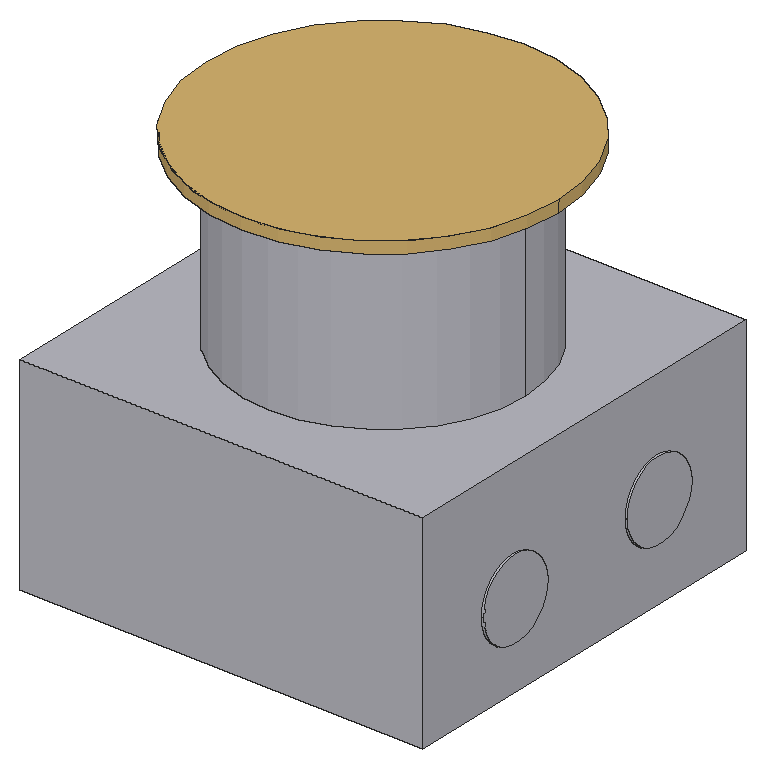
Revit family "Electrical_Equipment-Floor_Box-Hubbell_Wiring-CFBS1R4SFB_CR", category Electrical Fixtures, host Face, Revit 2015
Parameters
  URL = "http://www.hubbell-wiring.com"
  Product data url = "https://bimobject.com/hubbellwiring/product/hubbell-cfbs1r4sfb_cr"
  Product Page URL = "http://www.hubbell-wiring.com/press/catalog/O.pdf"
  Product Material = Metal-Hubbell-Steel
  Product Documentation Link = "http://www.hubbell-wiring.com/press/catalog/O.pdf"
  Model = "CFBS1R4SFB"
  Manufacturer Phone = "475-882-4800"  # constant formula
  Manufacturer = "Hubbell Wiring Device"  # constant formula
  Description = "Steel Metal Concrete Recessed Floor box,  4in. Round Cover"  # constant formula
  Default Elevation = 48.000"
  Conduit Connector_4 Description = "0.75in. 1in. or 1.25in. Power Conduit Connector 2"  # constant formula
  Conduit Connector_3 Description = "0.75in. 1in. or 1.25in. Power Conduit Connector 1"  # constant formula
  Conduit Connector_2 Description = "0.75in. 1in or 1.25in. Data Conduit Connector 2"  # constant formula
  Conduit Connector_1 Description = "0.75in. 1in. or 1.25in. Data Conduit Connector 1"  # constant formula
  Conduit Connector 2 Radius = 0.625"
  Conduit Connector 1 Radius = 0.625"
  Box Cover [instance] = Cover : CFBS1R4BRS
  Assembly Code = "D5020115"
Types (3): name | Product Material | Model | Box Cover
  (no name) | Metal-Hubbell-Steel | "CFBS1R4SFB" | Cover : CFBS1R4BRS
  CFBS1R4SFB | Metal-Hubbell-Steel | "CFBS1R4SFB" | Cover : CFBS1R4BRS
  CFBS1R4SFBCR | Metal-Hubbell-Green Finish | "CFBS1R4SFBCR" | Cover : CFBS1R4NKL
Reference planes (in)
  plane 1 "Center (Front/Back)": y = 0
  plane 2: z = 0
  plane 3 "Center (Left/Right)": x = 0
  plane 4: x = -3.16
  plane 5: x = 3.16
  plane 6: y = -3.16
  plane 7: y = 3.16
  plane 8: z = -6
  plane 9: z = -2.76
  plane 10: x = -2.24
  plane 11: x = 2.24
  plane 12: y = -1.41
  plane 13: y = 1.41
  plane 14: z = -4.5
  plane 15: x = 3.21
  plane 16: x = -3.21
  plane 17: z = -4.65
Forms (in)
  Extrusion 1, solid, material "Metal-Hubbell-Steel" <- "Product Material"
    sketch origin (0, 0, 0) x (1, 0, 0) y (0, 1, 0)
      loop
        line (-3.16, 3.16) -> (-3.16, -3.16) -> (3.16, -3.16) -> (3.16, 3.16) -> (-3.16, 3.16)
    from -6 to -2.76
  Extrusion 2, solid, material "Metal-Hubbell-Steel" <- "Product Material"
    sketch origin (0, 0, 0) x (1, 0, 0) y (0, 1, 0)
      loop
        circle (0, 0) r 2.24
      loop
        circle (0, 0) r 2
    from -2.76 to 0
  Extrusion 3, solid, material "Metal-Hubbell-Steel" <- "Product Material", detail levels medium+fine
    sketch origin (0, 0, 0) x (0, 1, 0) y (0, 0, 1)
      loop
        circle (-1.41, -4.65) r 0.625
      loop
        circle (1.41, -4.5) r 0.625
    from 3.16 to 3.21
  Extrusion 4, solid, material "Metal-Hubbell-Steel" <- "Product Material", detail levels medium+fine
    sketch origin (0, 0, 0) x (0, 1, 0) y (0, 0, -1)
      loop
        circle (-1.41, 4.65) r 0.625
      loop
        circle (1.41, 4.5) r 0.625
    from 3.16 to 3.21
Lines and regions (in)
  symbolic lines
    curve 1: line (-3.16, 3.16, 0) -> (3.16, 3.16, 0)
    curve 2: line (-3.16, -3.16, 0) -> (-3.16, 3.16, 0)
    curve 3: line (3.16, -3.16, 0) -> (-3.16, -3.16, 0)
    curve 4: line (3.16, 3.16, 0) -> (3.16, -3.16, 0)
    curve 5: circle (0, 0, 0) r 1.99 normal (0, 0, 1)
    curve 6: circle (0, 0, 0) r 2.75 normal (0, 0, 1)
Dimensions and locks (in)
  equal spacing: plane 4, plane 3 "Center (Left/Right)", plane 5, locked at 3.16 each
  equal spacing: plane 6, plane 1 "Center (Front/Back)", plane 7, locked at 3.16 each
  locked: plane 9 to plane 8 at 3.24
  equal spacing: plane 11, plane 3 "Center (Left/Right)", plane 10, locked at 2.24 each
  locked: plane 11 to plane 10 at 4.48
  locked: plane 3 "Center (Left/Right)" to Extrusion 1 at 3.16
  plane 13 to plane 1 "Center (Front/Back)" = 1.410"
  equal spacing: plane 13, plane 1 "Center (Front/Back)", plane 12
  locked: plane 5 to plane 15 at 0.05
  locked: plane 4 to plane 16 at 0.05
  locked: plane 2 to plane 8 at 6
  locked: plane 17 to plane 8 at 1.35
  locked: plane 14 to plane 8 at 1.5
  "Conduit Connector 2 Radius": radius of Extrusion 4 sketch curve
  "Conduit Connector 1 Radius": radius of Extrusion 4 sketch curve
  "Conduit Connector 1 Radius": radius of Extrusion 3 sketch curve
  "Conduit Connector 2 Radius": radius of Extrusion 3 sketch curve
  aligned and locked: plane 2 to host face
  aligned and locked: level to host face
  aligned and locked: plane 7 to Extrusion 1 sketch curve
  aligned and locked: plane 4 to Extrusion 1 sketch curve
  aligned and locked: plane 6 to Extrusion 1 sketch curve
  aligned and locked: plane 5 to Extrusion 1 sketch curve
  aligned and locked: Extrusion 1 to plane 8
  aligned and locked: plane 9 to Extrusion 1
  aligned and locked: plane 3 "Center (Left/Right)" to Extrusion 2 sketch curve  (x2)
  aligned and locked: plane 1 "Center (Front/Back)" to Extrusion 2 sketch curve  (x2)
  aligned and locked: Extrusion 2 to plane 9
  aligned and locked: level to Extrusion 2
  aligned and locked: plane 13 to Extrusion 3 sketch curve
  aligned and locked: plane 14 to Extrusion 3 sketch curve
  aligned and locked: plane 12 to Extrusion 3 sketch curve
  aligned and locked: plane 5 to Extrusion 3
  aligned and locked: Extrusion 3 to plane 15
  aligned and locked: Extrusion 4 to plane 16
  aligned and locked: plane 4 to Extrusion 4
  aligned and locked: plane 3 "Center (Left/Right)" to nested 1
  aligned and locked: plane 1 "Center (Front/Back)" to nested 1
  aligned and locked: plane 17 to Extrusion 4 sketch curve
  aligned and locked: plane 12 to Extrusion 4 sketch curve
  aligned and locked: plane 14 to Extrusion 4 sketch curve
  aligned and locked: plane 13 to Extrusion 4 sketch curve
  aligned and locked: plane 17 to Extrusion 3 sketch curve
  aligned and locked: plane 6 to curve 3
  aligned and locked: plane 4 to curve 2
  aligned and locked: plane 5 to curve 4
  aligned and locked: plane 7 to curve 1
Automatic sketch dimensions
  host sketch curve to host sketch curve = 96.000"  (x2)
  curve 5 to curve 6 = 0.000"  (x2)
  plane 1 "Center (Front/Back)" to curve 5 = 0.000"
  curve 5 to plane 3 "Center (Left/Right)" = 0.000"
  radius of Extrusion 2 sketch curve = 2.240"
  radius of Extrusion 2 sketch curve = 2.000"
  radius of curve 5 = 1.990"
  radius of curve 6 = 2.750"
Nested families (in)
  nested 1: "Cover" at (0, 0, 0), type <- "Box Cover", type "CFBS1R4BRS"
Connectors (in)
  cabletrayconduit at (-3.21, 1.41, -4.5), diameter 1.25, driven by "Conduit Connector_1 Description", driven by "Conduit Connector 1 Radius"
    settings: on Extrusion 4, index 1, connector width 12.000", connector height 12.000", connector angle 0.00°, system type 32, placement type 0, profile type 0, connector reference index -1, is primary connector yes, connector utility param no, connector description "0.75in. 1in. or 1.25in. Data Conduit Connector 1"
  cabletrayconduit at (3.21, 1.41, -4.5), diameter 1.25, driven by "Conduit Connector_2 Description", driven by "Conduit Connector 1 Radius"
    settings: on Extrusion 3, index 2, connector width 12.000", connector height 12.000", connector angle 0.00°, system type 32, placement type 0, profile type 0, connector reference index -1, is primary connector no, connector utility param no, connector description "0.75in. 1in or 1.25in. Data Conduit Connector 2"
  cabletrayconduit at (-3.21, -1.41, -4.65), diameter 1.25, driven by "Conduit Connector_3 Description", driven by "Conduit Connector 2 Radius"
    settings: on Extrusion 4, index 3, connector width 12.000", connector height 12.000", connector angle 0.00°, system type 32, placement type 0, profile type 0, connector reference index -1, is primary connector no, connector utility param no, connector description "0.75in. 1in. or 1.25in. Power Conduit Connector 1"
  cabletrayconduit at (3.21, -1.41, -4.65), diameter 1.25, driven by "Conduit Connector_4 Description", driven by "Conduit Connector 2 Radius"
    settings: on Extrusion 3, index 4, connector width 12.000", connector height 12.000", connector angle 0.00°, system type 32, placement type 0, profile type 0, connector reference index -1, is primary connector no, connector utility param no, connector description "0.75in. 1in. or 1.25in. Power Conduit Connector 2"
Definition of nested family "Cover"
  Parameters
    Temporary cover = yes
    Product Material = none
    Cover = yes
    Default Elevation = 48.000"
  Reference planes (in)
    plane 1 "Center (Front/Back)": y = 0
    plane 2: z = 0
    plane 3 "Center (Left/Right)": x = 0
    plane 4: z = -5.65
    plane 5: z = -4.33
    plane 6: y = 1.572
    plane 7: y = -1.572
    plane 8: y = 0.798
    plane 9: y = -0.798
    plane 10: y = 1.452
    plane 11: y = -1.452
    plane 12: y = 1
    plane 13: y = -1
    plane 14: z = -5.56
    plane 15: z = -4.99
    plane 16: x = -2.765
    plane 17: x = 2.765
    plane 18: z = 0.18
    plane 19: x = -1.99
    plane 20: x = 1.99
  Forms (in)
    Extrusion 1, solid
      sketch origin (0, 0, 0) x (1, 0, 0) y (0, 1, 0)
        loop
          line (-48, 48) -> (-48, -48) -> (48, -48) -> (48, 48) -> (-48, 48)
      from 0 to -2
    Extrusion 2, solid, material <- "Product Material", visible <- "Temporary cover"
      sketch origin (0, 0, 0) x (1, 0, 0) y (0, 1, 0)
        loop
          circle (0, 0) r 2.765
      from 0 to 0.18
  Lines and regions (in)
    model lines, visible <- "Cover", detail levels medium+fine
      curve 1: line (-0.72244, 1.85423, 0.18) -> (-0.72244, 1.54641, 0.18)
      curve 2: line (-0.53026, 1.35423, 0.18) -> (0, 1.35423, 0.18)
      curve 3: arc (-0.72244, 1.54641, 0.18) -> (-0.66615, 1.41052, 0.18) -> (-0.53026, 1.35423, 0.18) r 0.19218
      curve 4: line (0.72244, 1.85423, 0.18) -> (0.72244, 1.54641, 0.18)
      curve 5: line (0.53026, 1.35423, 0.18) -> (0, 1.35423, 0.18)
      curve 6: arc (0.72244, 1.54641, 0.18) -> (0.66615, 1.41052, 0.18) -> (0.53026, 1.35423, 0.18) r 0.19218
      curve 7: line (-0.3144, -1.96501, 0.18) -> (-0.3144, -1.452, 0.18)
      curve 8: line (-0.3144, -1.452, 0.18) -> (0, -1.452, 0.18)
      curve 9: line (-0.3144, -1.572, 0.18) -> (0, -1.572, 0.18)
      curve 10: line (0.3144, -1.96501, 0.18) -> (0.3144, -1.452, 0.18)
      curve 11: line (0.3144, -1.452, 0.18) -> (0, -1.452, 0.18)
      curve 12: line (0.3144, -1.572, 0.18) -> (0, -1.572, 0.18)
      curve 13: line (0, -1, 0.18) -> (-0.5, -1, 0.18)
      curve 14: line (-0.5, -1, 0.18) -> (-0.5, -0.8814, 0.18)
      curve 15: line (-0.5, -0.8814, 0.18) -> (0, -0.8814, 0.18)
      curve 16: line (-0.5, -0.8814, 0.18) -> (-0.5, -0.798, 0.18)
      curve 17: line (-0.5, -0.798, 0.18) -> (-0.8873, -0.65704, 0.18)
      curve 18: line (-0.8873, -0.65704, 0.18) -> (-0.8873, 0.798, 0.18)
      curve 19: line (-0.8873, 0.798, 0.18) -> (-0.5, 0.798, 0.18)
      curve 20: line (-0.5, 0.798, 0.18) -> (-0.5, 1, 0.18)
      curve 21: line (-0.5, 1, 0.18) -> (0, 1, 0.18)
      curve 22: line (-0.5, 0.798, 0.18) -> (-0.5, 0.298, 0.18)
      curve 23: line (-0.5, 0.298, 0.18) -> (-0.65672, -0.13257, 0.18)
      curve 24: line (-0.5073, -0.453, 0.18) -> (-0.41471, -0.4867, 0.18)
      curve 25: line (-0.41471, -0.4867, 0.18) -> (0, -0.4867, 0.18)
      curve 26: line (-0.67176, -0.22242, 0.18) -> (-0.8873, -0.22242, 0.18)
      curve 27: line (-0.8873, 0.19787, 0.18) -> (-0.5, 0.298, 0.18)
      curve 28: line (-0.5, 0.548, 0.18) -> (-0.8873, 0.798, 0.18)
      curve 29: line (0, 0, 0.18) -> (-0.38538, 0, 0.18)
      curve 30: line (-0.38538, -0.16189, 0.18) -> (0, -0.16189, 0.18)
      curve 31: line (-0.38538, 0, 0.18) -> (-0.38538, -0.16189, 0.18)
      curve 32: line (0, -1, 0.18) -> (0.5, -1, 0.18)
      curve 33: line (0.5, -1, 0.18) -> (0.5, -0.8814, 0.18)
      curve 34: line (0.5, -0.8814, 0.18) -> (0, -0.8814, 0.18)
      curve 35: line (0.5, -0.8814, 0.18) -> (0.5, -0.798, 0.18)
      curve 36: line (0.5, -0.798, 0.18) -> (0.8873, -0.65704, 0.18)
      curve 37: line (0.8873, -0.65704, 0.18) -> (0.8873, 0.798, 0.18)
      curve 38: line (0.8873, 0.798, 0.18) -> (0.5, 0.798, 0.18)
      curve 39: line (0.5, 0.798, 0.18) -> (0.5, 1, 0.18)
      curve 40: line (0.5, 1, 0.18) -> (0, 1, 0.18)
      curve 41: line (0.5, 0.798, 0.18) -> (0.5, 0.298, 0.18)
      curve 42: line (0.67176, -0.22242, 0.18) -> (0.8873, -0.22242, 0.18)
      curve 43: line (0.8873, 0.19787, 0.18) -> (0.5, 0.298, 0.18)
      curve 44: line (0.5, 0.548, 0.18) -> (0.8873, 0.798, 0.18)
      curve 45: line (0, 0, 0.18) -> (0.38538, 0, 0.18)
      curve 46: line (0.38538, -0.16189, 0.18) -> (0, -0.16189, 0.18)
      curve 47: line (0.38538, 0, 0.18) -> (0.38538, -0.16189, 0.18)
      curve 48: arc (-0.5073, -0.453, 0.18) -> (-0.64837, -0.32373, 0.18) -> (-0.65672, -0.13257, 0.18) r 0.25
      curve 49: line (0.5, 0.298, 0.18) -> (0.65672, -0.13257, 0.18)
      curve 50: line (0.5073, -0.453, 0.18) -> (0.41471, -0.4867, 0.18)
      curve 51: arc (0.5073, -0.453, 0.18) -> (0.64837, -0.32373, 0.18) -> (0.65672, -0.13257, 0.18) r 0.25
      curve 52: line (0.41471, -0.4867, 0.18) -> (0, -0.4867, 0.18)
      curve 53: circle (-1.04834, 1.452, 0.18) r 0.16104 normal (0, 0, 1)
      curve 54: line (-1.04834, 1.61304, 0.18) -> (-1.04834, 1.29096, 0.18)
      curve 55: line (-1.20939, 1.452, 0.18) -> (-0.8873, 1.452, 0.18)
      curve 56: circle (0.94438, -1.452, 0.18) r 0.16104 normal (0, 0, 1)
      curve 57: line (0.94438, -1.29096, 0.18) -> (0.94438, -1.61304, 0.18)
      curve 58: line (0.78334, -1.452, 0.18) -> (1.10543, -1.452, 0.18)
      curve 59: line (0, -1.572, 0.18) -> (0, -1.99, 0.18)
      curve 60: arc (1.99, 0, 0.18) -> (0, 1.99, 0.18) -> (-1.99, 0, 0.18) r 1.99
      curve 61: arc (-1.99, 0, 0.18) -> (0, -1.99, 0.18) -> (1.99, 0, 0.18) r 1.99
  Dimensions and locks (in)
    locked: level to plane 4 at 5.65
    locked: level to plane 5 at 4.33
    plane 1 "Center (Front/Back)" to plane 10 = 1.452"
    plane 1 "Center (Front/Back)" to plane 12 = 1.000"
    locked: plane 14 to plane 4 at 0.09
    equal spacing: plane 5, plane 15, plane 4
    plane 16 to plane 17 = 5.530"
    locked: plane 18 to level at 0.18
    equal spacing: plane 19, plane 3 "Center (Left/Right)", plane 20
    aligned and locked: plane 2 to Extrusion 1
    aligned and locked: level to Extrusion 1
    aligned and locked: plane 18 to Extrusion 2
    aligned and locked: Extrusion 2 to level
  Automatic sketch dimensions
    Extrusion 1 sketch curve to Extrusion 1 sketch curve = 96.000"  (x2)
    plane 1 "Center (Front/Back)" to Extrusion 2 sketch curve = 0.000"
    Extrusion 2 sketch curve to plane 3 "Center (Left/Right)" = 0.000"
    plane 11 to curve 58 = 0.000"
    plane 11 to curve 56 = 0.000"
    curve 39 to plane 8 = 0.000"
    plane 9 to curve 35 = 0.000"
    plane 1 "Center (Front/Back)" to curve 45 = 0.000"
    curve 25 to plane 3 "Center (Left/Right)" = 0.000"
    curve 13 to plane 3 "Center (Left/Right)" = 0.000"
    curve 15 to plane 3 "Center (Left/Right)" = 0.000"
    curve 46 to plane 3 "Center (Left/Right)" = 0.000"
    curve 21 to plane 3 "Center (Left/Right)" = 0.000"
    curve 29 to plane 3 "Center (Left/Right)" = 0.000"
    curve 59 to plane 3 "Center (Left/Right)" = 0.000"
    curve 2 to plane 3 "Center (Left/Right)" = 0.000"
    curve 8 to plane 3 "Center (Left/Right)" = 0.000"
    plane 11 to curve 8 = 0.000"
    plane 7 to curve 9 = 0.000"
    plane 9 to curve 16 = 0.000"
    curve 14 to plane 13 = 0.000"
    curve 22 to plane 8 = 0.000"
    plane 12 to curve 21 = 0.000"
    curve 55 to plane 10 = 0.000"
    curve 53 to plane 10 = 0.000"
    plane 1 "Center (Front/Back)" to curve 47 = 0.16189"
    curve 52 to curve 46 = 0.02933"
    curve 51 to curve 46 = 0.03641"
    curve 49 to curve 45 = 0.11462"
    curve 34 to curve 50 = 0.08529"
    curve 50 to curve 50 = 0.09258"
    curve 5 to plane 10 = 0.09777"
    curve 5 to curve 39 = 0.03026"
    curve 6 to plane 6 = 0.02559"
    plane 1 "Center (Front/Back)" to curve 49 = 0.13257"
    curve 42 to curve 51 = 0.01504"
    curve 58 to curve 10 = 0.46894"
    curve 43 to plane 1 "Center (Front/Back)" = 0.19787"
    curve 42 to curve 42 = 0.21554"
    curve 36 to plane 9 = 0.14096"
    plane 7 to curve 57 = 0.04104"
    curve 57 to curve 56 = 0.000"
    curve 11 to curve 8 = 0.3144"
    curve 30 to curve 30 = 0.38538"
    curve 30 to curve 24 = 0.02933"
    curve 30 to curve 48 = 0.03641"
    curve 25 to curve 16 = 0.08529"
    curve 29 to curve 27 = 0.11462"
    curve 25 to curve 24 = 0.09258"
    curve 3 to plane 6 = 0.02559"
    plane 1 "Center (Front/Back)" to curve 23 = 0.13257"
    curve 48 to curve 26 = 0.01504"
    curve 26 to curve 26 = 0.21554"
    curve 1 to curve 55 = 0.16486"
    curve 27 to plane 1 "Center (Front/Back)" = 0.19787"
    curve 17 to plane 9 = 0.14096"
    plane 6 to curve 54 = 0.04104"
    curve 53 to curve 54 = 0.000"
    plane 6 to curve 1 = 0.28223"
    plane 6 to curve 4 = 0.28223"
    curve 44 to plane 8 = 0.250"
    curve 19 to curve 28 = 0.250"
    curve 44 to curve 43 = 0.250"
    curve 28 to curve 23 = 0.250"
    curve 46 to curve 51 = 0.05619"
    curve 30 to curve 48 = 0.05619"
    curve 51 to curve 42 = 0.08985"
    plane 1 "Center (Front/Back)" to curve 26 = 0.22242"
    curve 24 to curve 24 = 0.0337"
    plane 9 to curve 16 = 0.0834"
    curve 10 to curve 59 = 0.02499"
    plane 1 "Center (Front/Back)" to curve 60 = 0.000"
    curve 61 to plane 20 = 0.000"
    curve 61 to plane 3 "Center (Left/Right)" = 0.000"
    radius of Extrusion 2 sketch curve = 2.765"
